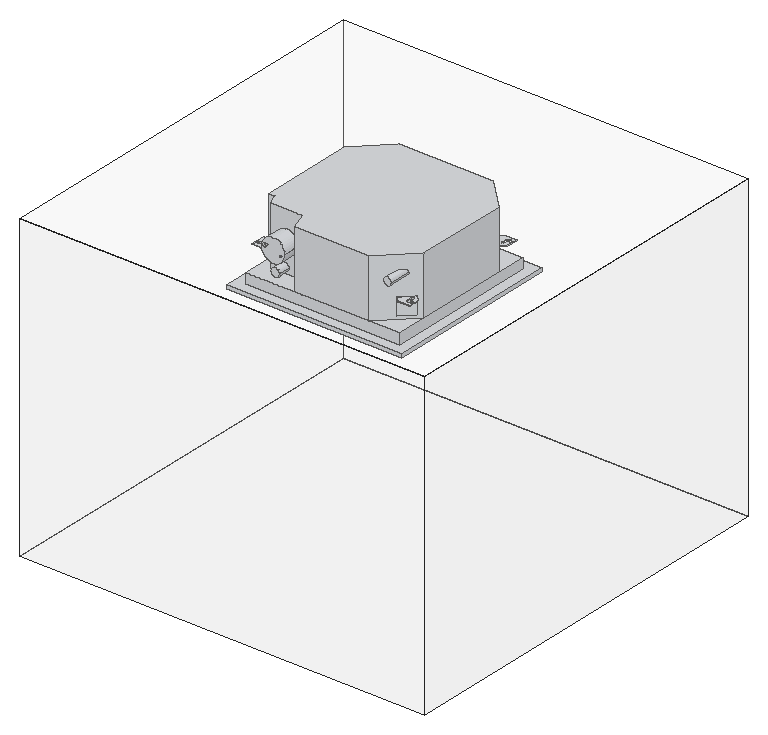
Revit family "plfy-p22_71gmg7_60Hz", category 機械設備, Revit 2019
Family settings
  丸型コネクタ寸法 = 直径を使用
  パーツ タイプ = 標準
  OmniClass 番号 = 23.75.10.24.21.27.27
  OmniClass タイトル = Split System Air Conditioning Units
  作業面ベース = いいえ
  常に垂直 = はい
  ロード時にボイドで切り取り = いいえ
  共有 = いいえ
  部屋計算ポイント = はい
Parameters (values of type "天井4方向_PLFY-P71GMG7")
  風量（静）（m3／min） = 11
  風量（強）（m3／min） = 15
  風量（弱）（m3／min） = 11.5
  風量（中）（m3／min） = 12.5
  風量 = MAX風量  # 900.0 m³/h
  音響パワーレベル（弱）(dB) = 38
  音響パワーレベル（中2）(dB) = 39
  音響パワーレベル（中1）(dB) = 40
  音響パワーレベル(dB) = 43
  電源種別 = ""
  電源_H = 0 mm
  電圧_電気ヒーター = 0 V
  電圧 = 200 V
  電動機出力_送風機 = 0.05 kW
  運転質量 = 0.00 kg
  連動 = ""
  質量 = if(製品質量 > 運転質量, 製品質量, 運転質量) * 1.2  # 24.72 kg
  負荷分類 = 3_ファン類
  構成品番 = "PLFY-P71GMG"
  ドレン管径 (外径) = 32 mm
  ドレン管径 = 25 mm
  サービススペース = yes
  URL = "https://www.mitsubishielectric.co.jp/ldg/wink/ssl/displayProduct.do?pid=305425"
  説明 = "ビル用マルチ 4方向天井カセット形<コンパクトタイプ>"
  設計暖房能力 = 0.00 kW
  設計冷房能力_顕熱 = 0 kW
  設計冷房能力 = 0 kW
  設置方法 = "カセット形"
  記号 = ""
  製造元 = "三菱電機株式会社"
  製品質量 = 20.60 kg
  製品出荷対象 = "国内"
  製品リリース年月 = "2021/5/10"
  製品グループ = ""
  系統 = ""
  符号 = "PAC-CK4"
  積算_科目 = "1 空気調和設備"
  積算_拾い区分 [instance] = ""
  相 = 1
  盤記号 = ""
  発停方法 = "付属スイッチ"
  特殊仕様 = ""
  火災停止 = ""
  消費電力_電気ヒーター = 0.00 kW
  消費電力_暖房 = 0.04 kW
  消費電力_加湿器 = 0.00 kW
  消費電力_冷房 = 0.04 kW
  消費電力 = if(消費電力_冷房 > 消費電力_暖房, 消費電力_冷房, 消費電力_暖房) + 消費電力_加湿器 + 消費電力_電気ヒーター  # 0.04 kW
  法定耐用年数 = "6"
  極数 = 1
  材質 = ""
  本体マテリアル = none
  有効加湿量 = 0
  暖房能力 = 8.00 kW
  推奨ブレーカー容量 = 0 A
  形式_加湿器 = ""
  形式 = "カセット形（4方向吹出形）"
  幹線記号 = ""
  始動方式 = "直入"
  呼称 = "パッケージ形空気調和機_室内機"
  周波数 = 60 Hz
  吊り位置Y = 507 mm
  吊り位置X = 640 mm
  吊りボルト_H = 134 mm
  台数_手元リモコン = ""
  台数_冷媒分岐ユニット = ""
  参照している仕様書等のバージョン = "公共建築工事標準仕様書（機械設備工事編）平成31年度版"
  加湿給水管径 = 0 mm
  分類コード = "50053003123030"
  分類グループ = ""
  冷房能力 = 7.1 kW
  冷媒高低圧ガス管径 = 0 mm
  冷媒管径符号 = "Bd"
  冷媒管径 = 100 mm
  冷媒液管高さ = 159 mm
  冷媒液管長さ = 75 mm
  冷媒液管径 = 9.5 mm
  冷媒ガス管高さ = 183 mm
  冷媒ガス管長さ = 80 mm
  冷媒ガス管径 = 15.9 mm
  企業コード = "108420"
  付属品_フィルター = ""
  付属品 = ""
  仕様書バージョン = "Version1.0"
  Model = ""
  パネルマテリアル = none
  ドレン管高さ = 227 mm
  コメント [instance] = ""
  ケーブル種類 = ""
  ケーブルサイズ = 0 mm
  Width = 670 mm
  Version = ""
  Uniclass2015Version = "Systems v1.9"
  Uniclass2015Title = "Split coil remote air cooled condensing units"
  Uniclass2015Code = "Pr_70_65_03_84"
  SpecificationReference = ""
  SpecificationDescription = ""
  Revision = ""
  ProductInformation = ""
  Panel Width = 760 mm
  Panel Height = 15 mm
  Panel Depth = 760 mm
  OmniClassCode = "23-33 17 13 11"
  MIN風量 = 風量（静）（m3／min） * 60.0 m³/h  # 660.0 m³/h
  MID風量2 = 風量（弱）（m3／min） * 60.0 m³/h  # 690.0 m³/h
  MID風量 = 風量（中）（m3／min） * 60.0 m³/h  # 750.0 m³/h
  MAX風量 = 風量（強）（m3／min） * 60.0 m³/h  # 900.0 m³/h
  IfcTypeProduct = ""
  IfcProduct = ""
  IfcExportType = "AIRCONDITIONINGUNIT"
  IfcExportAs = "IfcUnitaryEquipmentType"
  Height = 298 mm
  Depth = 670 mm
  価格 = 0
  Clearance Top = 305 mm
  Clearance Right = 500 mm
  Clearance Left = 500 mm
  Clearance Front = 500 mm
  Clearance Bottom = 1000 mm
  Clearance Back = 500 mm
  Author = "三菱電機株式会社"
Types (6, lengths in mm): name | 風量（静）（m3／min） | 風量（強）（m3／min） | 風量（弱）（m3／min） | 風量（中）（m3／min） | 風量 | 音響パワーレベル（弱）(dB) | 音響パワーレベル（中2）(dB) | 音響パワーレベル（中1）(dB) | 音響パワーレベル(dB) | 質量 | 構成品番 | URL | 製品質量 | 消費電力_暖房 | 消費電力_冷房 | 消費電力 | 暖房能力 | 冷房能力 | 冷媒管径符号 | 冷媒液管長さ | 冷媒液管径 | 冷媒ガス管長さ | 冷媒ガス管径 | MIN風量 | MID風量2 | MID風量 | MAX風量
  天井4方向_PLFY-P22GMG7 | 8.5 | 10 | 9 | 9.5 | 600.0 m³/h | 47 | 48 | 49 | 50 | 23.52 kg | "PLFY-P22GMG" | "https://www.mitsubishielectric.co.jp/ldg/wink/ssl/displayProduct.do?pid=305408" | 19.60 kg | 0.02 kW | 0.02 kW | 0.02 kW | 2.50 kW | 2.2 kW | "Ac" | 71 | 6.4 | 76 | 12.7 | 510.0 m³/h | 540.0 m³/h | 570.0 m³/h | 600.0 m³/h
  天井4方向_PLFY-P28GMG7 | 8.5 | 10 | 9 | 9.5 | 600.0 m³/h | 47 | 48 | 49 | 50 | 23.52 kg | "PLFY-P28GMG" | "https://www.mitsubishielectric.co.jp/ldg/wink/ssl/displayProduct.do?pid=305409" | 19.60 kg | 0.02 kW | 0.02 kW | 0.02 kW | 3.20 kW | 2.8 kW | "Ac" | 71 | 6.4 | 76 | 12.7 | 510.0 m³/h | 540.0 m³/h | 570.0 m³/h | 600.0 m³/h
  天井4方向_PLFY-P36GMG7 | 9.5 | 12 | 10 | 10.5 | 720.0 m³/h | 49 | 50 | 51 | 54 | 23.52 kg | "PLFY-P36GMG" | "https://www.mitsubishielectric.co.jp/ldg/wink/ssl/displayProduct.do?pid=305410" | 19.60 kg | 0.03 kW | 0.03 kW | 0.03 kW | 4.00 kW | 3.6 kW | "Ac" | 71 | 6.4 | 76 | 12.7 | 570.0 m³/h | 600.0 m³/h | 630.0 m³/h | 720.0 m³/h
  天井4方向_PLFY-P45GMG7 | 9.5 | 12.5 | 10 | 10.5 | 750.0 m³/h | 49 | 50 | 52 | 54 | 23.52 kg | "PLFY-P45GMG" | "https://www.mitsubishielectric.co.jp/ldg/wink/ssl/displayProduct.do?pid=305411" | 19.60 kg | 0.03 kW | 0.03 kW | 0.03 kW | 5.00 kW | 4.5 kW | "Ac" | 71 | 6.4 | 76 | 12.7 | 570.0 m³/h | 600.0 m³/h | 630.0 m³/h | 750.0 m³/h
  天井4方向_PLFY-P56GMG7 | 10 | 13 | 11.5 | 12.5 | 780.0 m³/h | 50 | 53 | 54 | 55 | 24.72 kg | "PLFY-P56GMG" | "https://www.mitsubishielectric.co.jp/ldg/wink/ssl/displayProduct.do?pid=305412" | 20.60 kg | 0.03 kW | 0.03 kW | 0.03 kW | 6.30 kW | 5.6 kW | "Ac" | 71 | 6.4 | 76 | 12.7 | 600.0 m³/h | 690.0 m³/h | 750.0 m³/h | 780.0 m³/h
  天井4方向_PLFY-P71GMG7 | 11 | 15 | 11.5 | 12.5 | 900.0 m³/h | 38 | 39 | 40 | 43 | 24.72 kg | "PLFY-P71GMG" | "https://www.mitsubishielectric.co.jp/ldg/wink/ssl/displayProduct.do?pid=305425" | 20.60 kg | 0.04 kW | 0.04 kW | 0.04 kW | 8.00 kW | 7.1 kW | "Bd" | 75 | 9.5 | 80 | 15.9 | 660.0 m³/h | 690.0 m³/h | 750.0 m³/h | 900.0 m³/h
Reference planes
  plane 1 "中心(正面/背面)": y = 0
  plane 2: z = 0
  plane 3 "中心(左/右)": x = 0
  plane 4: x = -380
  plane 5: x = 380
  plane 6: y = 380
  plane 7: y = -380
  plane 8: z = 298
  plane 9: z = 305
  plane 10: x = -320
  plane 11: x = 320
  plane 12: y = 253.5
  plane 13: y = -253.5
  plane 14: z = 46
  plane 15: y = 335
  plane 16: y = -335
  plane 17: x = -335
  plane 18: x = 335
  plane 19: x = -880
  plane 20: x = 880
  plane 21: y = 880
  plane 22: y = -880
  plane 23: z = 298
  plane 24: z = -15
  plane 25: z = -1015
  plane 26: z = 305
  plane 27 "冷媒管基準面": y = -255
  plane 28: x = -186
  plane 29: z = 159
  plane 30: y = -335
  plane 31: y = -330
Forms (mm)
  Extrusion 1, solid, detail levels fine
    sketch origin (0, -255, 15) x (1, 0, 0) y (0, 0, 1)
      loop
        circle (-186, 144) r 3.175
    from 0 to 75
  Extrusion 2, solid, detail levels fine
    sketch origin (-67, -255, 39) x (1, 0, 0) y (0, 0, 1)
      loop
        circle (-186, 144) r 6.35
    from 0 to 80
Dimensions and locks
  equal spacing: plane 4, plane 3 "中心(左/右)", plane 5
  plane 4 to plane 5 = 760 mm
  equal spacing: plane 7, plane 1 "中心(正面/背面)", plane 6
  plane 7 to plane 6 = 760 mm
  locked: plane 12 to plane 6 at 126.5
  plane 7 to plane 13 = 126.5 mm
  plane 4 to plane 10 = 60 mm
  locked: plane 11 to plane 5 at 60
  "吊り位置X": plane 10 to plane 11
  equal spacing: plane 10, plane 3 "中心(左/右)", plane 11
  equal spacing: plane 13, plane 1 "中心(正面/背面)", plane 12
  "吊り位置Y": plane 13 to plane 12
  equal spacing: plane 16, plane 1 "中心(正面/背面)", plane 15
  "Depth": plane 16 to plane 15
  equal spacing: plane 17, plane 3 "中心(左/右)", plane 18
  "Width": plane 17 to plane 18
  locked: plane 14 to level at 46
  "Clearance Left": plane 19 to plane 4
  "Clearance Right": plane 5 to plane 20
  "Clearance Back": plane 6 to plane 21
  locked: level to plane 24 at 15
  "Clearance Bottom": plane 24 to plane 25
  "Clearance Front": plane 22 to plane 7
  "Clearance Top": plane 26 to plane 2
  "Height": level to nested 3
  plane 29 to plane 2 = 159 mm
  nested 3 to level = 134 mm
  "冷媒液管長さ": plane 31 to plane 27 "冷媒管基準面"
  "冷媒ガス管長さ": plane 30 to plane 27 "冷媒管基準面"
  aligned and locked: level to plane 2
  aligned and locked: plane 10 to nested 2
  aligned and locked: plane 11 to nested 2
  aligned and locked: nested 2 to plane 12
  aligned and locked: plane 13 to nested 2
  aligned and locked: plane 19 to nested 1
  aligned and locked: plane 20 to nested 1
  aligned and locked: plane 22 to nested 1
  aligned and locked: plane 21 to nested 1
  aligned and locked: plane 25 to nested 1
  aligned and locked: plane 5 to nested 3
  aligned and locked: plane 15 to nested 3
  aligned and locked: plane 6 to nested 3
  aligned and locked: plane 7 to nested 3
  aligned and locked: plane 26 to nested 1
  aligned and locked: plane 31 to Extrusion 1
  aligned and locked: plane 30 to Extrusion 2
Automatic sketch dimensions
  Extrusion 1 sketch curve to plane 28 = 0 mm
  Extrusion 1 sketch curve to plane 29 = 0 mm
  plane 29 to Extrusion 2 sketch curve = 24 mm
  plane 10 to Extrusion 2 sketch curve = 67 mm
  radius of Extrusion 1 sketch curve = 3.175 mm
  radius of Extrusion 2 sketch curve = 6.35 mm
Nested families
  nested 1: "サービススペース" at (0, 0, -355), visible <- "サービススペース", type "サービススペース"
    with Width 1760 mm, Height 1320 mm, Depth 1760 mm
  nested 2: "固定点" at (-320, -253.5, 0), type "固定点"
    with W 640 mm, D 507 mm
  nested 3: "PL-RP○○GA3" at (0, 0, 0), type "PL-RP○○GA3"
    with ユニット表示 yes, 液配管サイズ 9.5 mm, 冷媒液管径-Y 75 mm, 冷媒ガス管径-Y 80 mm, ガス配管サイズ 15.9 mm
Connectors
  piping at (-219.5, -330, 171), diameter 100, driven by "冷媒管径", driven by "冷媒管径符号"
    settings: on nested 3, index 1, connector inside diameter 609.6 mm, connector length 0 mm, flow factor 0, pipe flow 0.0 L/s, pressure drop 0.0 Pa, fitting loss kfactor 0, connector angle 0.00°, fixture units 0, engagement length 0 mm, angle of deflection 0.00°, flow configuration 1, flow direction 1, fitting loss method 4, system type 7, joint type 0, gender type 0, connector reference index -1, connector utility 0, adjustable connector no, is connector primary yes, connector description "Bd"
  piping at (281, -332, 227), diameter 25, driven by "ドレン管径"
    settings: on nested 3, index 2, connector inside diameter 609.6 mm, connector length 0 mm, flow factor 0, pipe flow 0.0 L/s, pressure drop 0.0 Pa, fitting loss kfactor 0, connector angle 0.00°, fixture units 0, engagement length 0 mm, angle of deflection 0.00°, flow configuration 1, flow direction 2, fitting loss method 4, system type 16, joint type 0, gender type 0, connector reference index -1, connector utility 0, adjustable connector no, is connector primary no, connector description ""
  electrical at (-230, -305, 70), driven by "極数", driven by "負荷分類", driven by "電圧", driven by "消費電力"
    settings: on nested 3, index 3, voltage 200 V, apparent load 40 VA, apparent load phase1 0 VA, apparent load phase2 0 VA, apparent load phase3 0 VA, power factor 1, load classification "3_ファン類", number of poles 1, system type 30, power factor state 1, is connector primary yes, connector utility no, sub classification motor no, connector description ""
Definition of nested family "サービススペース"
  Parameters (values of type "サービススペース")
    Width [instance] = 500 mm
    Height [instance] = 500 mm
    Depth [instance] = 500 mm
  Reference planes
    plane 1 "中心(正面/背面)": y = 0
    plane 2: z = 0
    plane 3 "中心(左/右)": x = 0
    plane 4: y = -250
    plane 5: x = 250
    plane 6: y = 250
    plane 7: x = -250
    plane 8: z = 250
    plane 9: z = -250
  Forms (mm)
    Extrusion 1, solid
      sketch origin (-638.939, 0, 72.39) x (1, 0, 0) y (0, 1, 0)
        loop
          line (388.939, 250) -> (388.939, -250) -> (888.939, -250) -> (888.939, 250) -> (388.939, 250)
      from -322.39 to 177.61
  Lines and regions (mm)
    symbolic lines
      curve 1: line (-250, 0, 250) -> (250, 0, 250)
      curve 2: line (-250, 0, -250) -> (-250, 0, 250)
      curve 3: line (250, 0, -250) -> (-250, 0, -250)
      curve 4: line (250, 0, 250) -> (250, 0, -250)
      curve 5: line (0, -250, 250) -> (0, 250, 250)
      curve 6: line (0, -250, -250) -> (0, -250, 250)
      curve 7: line (0, 250, -250) -> (0, -250, -250)
      curve 8: line (0, 250, 250) -> (0, 250, -250)
      curve 9: line (-250, 250, 0) -> (250, 250, 0)
      curve 10: line (-250, -250, 0) -> (-250, 250, 0)
      curve 11: line (250, -250, 0) -> (-250, -250, 0)
      curve 12: line (250, 250, 0) -> (250, -250, 0)
  Dimensions and locks
    equal spacing: plane 7, plane 3 "中心(左/右)", plane 5
    equal spacing: plane 4, plane 1 "中心(正面/背面)", plane 6
    "Depth": plane 4 to plane 6
    "Width": plane 7 to plane 5
    equal spacing: plane 8, plane 2, plane 9
    "Height": plane 8 to plane 9
    aligned and locked: plane 9 to curve 3
    aligned and locked: plane 7 to curve 2
    aligned and locked: curve 4 to plane 5
    aligned and locked: plane 5 to Extrusion 1
    aligned and locked: Extrusion 1 to plane 7
    aligned and locked: Extrusion 1 to plane 9
    aligned and locked: plane 8 to Extrusion 1
    aligned and locked: plane 9 to curve 7
  Automatic sketch dimensions
    plane 4 to Extrusion 1 sketch curve = 0 mm
    Extrusion 1 sketch curve to plane 7 = 0 mm
    Extrusion 1 sketch curve to plane 5 = 0 mm
    plane 6 to Extrusion 1 sketch curve = 0 mm
    curve 2 to plane 8 = 0 mm
    plane 4 to curve 11 = 0 mm
    curve 11 to plane 7 = 0 mm
    curve 11 to plane 5 = 0 mm
    plane 6 to curve 10 = 0 mm
    curve 7 to plane 4 = 0 mm
    curve 7 to plane 6 = 0 mm
    curve 6 to plane 8 = 0 mm
Definition of nested family "PL-RP○○GA3"
  Parameters (values of type "PL-RP○○GA3")
    配線取出口サイズ = 36 mm
    配線取出口-Z = 70 mm
    配線取出口-Y = 50 mm
    配線取出口-X = 230 mm
    液配管サイズ = 6.4 mm
    A = 幅さ + 90 mm  # 760 mm
    高さ = 298 mm
    奥行き = 670 mm
    吊りボルト_H = 134 mm
    冷媒配管 = 100 mm
    冷媒液管径-Z = 159 mm
    冷媒液管径-Y = 71 mm
    冷媒液管径-X = 186 mm
    冷媒ガス管径-Z = 183 mm
    冷媒ガス管径-Y = 76 mm
    冷媒ガス管径-X = 253 mm
    ユニット表示 [instance] = yes
    ボルトピッチ = 507 mm
    ドレン配管サイズ = 32 mm
    ドレン管径-Z = 227 mm
    ドレン管径-Y = 77 mm
    ドレン管径-X = 281 mm
    ガス配管サイズ = 12.7 mm
    D = 幅さ - 30 mm  # 640 mm
    幅さ = 670 mm
    B = 幅さ + 40 mm  # 710 mm
  Reference planes
    plane 1 "中心(正面/背面)": y = 0
    plane 2: z = 0
    plane 3 "中心(左/右)": x = 0
    plane 4: x = -355
    plane 5: x = 355
    plane 6: x = -335
    plane 7: x = 335
    plane 8: x = -320
    plane 9: x = 320
    plane 10: y = 253.5
    plane 11: y = -253.5
    plane 12: y = 335
    plane 13: y = -335
    plane 14: x = -380
    plane 15: x = 380
    plane 16: z = -15
    plane 17: z = 46
    plane 18: z = 298
    plane 19: z = 134
    plane 20: z = 136
    plane 21: z = 227
    plane 22: z = 159
    plane 23: z = 183
    plane 24: z = 60
    plane 25: y = 380
    plane 26: y = -380
    plane 27: x = -253
    plane 28: x = -150
    plane 29: x = -123
    plane 30: x = -186
    plane 31: x = 281
    plane 32: x = 202
    plane 33: y = -255
    plane 34: y = -207
    plane 35: y = -331
    plane 36: y = -326
    plane 37 "ドレン管接続口": y = -332
    plane 38: y = -202
    plane 39: y = 291.5
    plane 40: y = 275.5
    plane 41: y = 263.5
    plane 42: x = -326
    plane 43: x = -314
    plane 44: x = -343
    plane 45: x = 314
    plane 46: x = 326
    plane 47: x = 343
    plane 48: y = -291.5
    plane 49: y = -275.5
    plane 50: y = -263.5
    plane 51: x = -230
    plane 52: y = 202
    plane 53: x = -202
    plane 54: z = 70
    plane 55: y = -305
  Forms (mm)
    Extrusion 1, solid, visible <- "ユニット表示"
      sketch origin (0, 0, 0) x (1, 0, 0) y (0, 1, 0)
        loop
          line (-380, 380) -> (-380, -380) -> (380, -380) -> (380, 380) -> (-380, 380)
      from -15 to 0
    Extrusion 2, solid, visible <- "ユニット表示", detail levels fine
      sketch origin (0, 0, 0) x (1, 0, 0) y (0, 1, 0)
        loop
          line (-203.39, 335) -> (-335, 203.39) -> (-335, -207) -> (-309.258, -207) -> (-288.883, -255) -> (-150, -255) -> (-123.033, -335) -> (202, -335) -> (335, -202) -> (335, 203.39) -> (203.39, 335) -> (-203.39, 335)
      from 46 to 298
    Extrusion 3, solid, visible <- "ユニット表示", detail levels fine
      sketch origin (0, 0, 0) x (1, 0, 0) y (0, 1, 0)
        loop
          line (335, 335) -> (-335, 335) -> (-335, -335) -> (335, -335) -> (335, 335)
      from 0 to 46
    Extrusion 4, solid, visible <- "ユニット表示", detail levels fine
      sketch origin (0, 0, 0) x (1, 0, 0) y (0, 0, 1)
        loop
          circle (-219.5, 171) r 50
      from 255 to 326
    Extrusion 5, solid, visible <- "ユニット表示", detail levels fine
      sketch origin (0, 0, 0) x (1, 0, 0) y (0, 1, 0)
        loop
          line (-343, -291.5) -> (-300.314, -291.5) -> (-290.686, -250.751) -> (-306.998, -212.324) -> (-343, -227.606) -> (-343, -263.5) -> (-329, -263.5)
          arc (-329, -263.5) -> (-326.879, -262.621) -> (-326, -260.5) r 3
          line (-326, -260.5) -> (-326, -249.5)
          arc (-326, -249.5) -> (-320, -243.5) -> (-314, -249.5) r 6
          line (-314, -249.5) -> (-314, -269.478)
          arc (-314, -269.478) -> (-315.757, -273.721) -> (-320, -275.5) r 6
          line (-320, -275.5) -> (-343, -275.5) -> (-343, -291.5)
        loop
          line (-343, 275.5) -> (-320, 275.5)
          arc (-320, 275.5) -> (-315.757, 273.743) -> (-314, 269.5) r 6
          line (-314, 269.5) -> (-314, 249.5)
          arc (-314, 249.5) -> (-320, 243.5) -> (-326, 249.5) r 6
          line (-326, 249.5) -> (-326, 260.5)
          arc (-326, 260.5) -> (-326.879, 262.621) -> (-329, 263.5) r 3
          line (-329, 263.5) -> (-343, 263.5) -> (-343, 244.959) -> (-318.215, 220.175) -> (-270.214, 268.176) -> (-293.539, 291.5) -> (-343, 291.5) -> (-343, 275.5)
        loop
          line (343, 291.5) -> (293.539, 291.5) -> (270.214, 268.176) -> (318.215, 220.175) -> (343, 244.959) -> (343, 263.5) -> (329, 263.5)
          arc (329, 263.5) -> (326.879, 262.621) -> (326, 260.5) r 3
          line (326, 260.5) -> (326, 249.5)
          arc (326, 249.5) -> (320, 243.5) -> (314, 249.5) r 6
          line (314, 249.5) -> (314, 269.5)
          arc (314, 269.5) -> (315.757, 273.743) -> (320, 275.5) r 6
          line (320, 275.5) -> (343, 275.5) -> (343, 291.5)
        loop
          line (293.539, -291.5) -> (343, -291.5) -> (343, -275.5) -> (320, -275.5)
          arc (320, -275.5) -> (315.757, -273.743) -> (314, -269.5) r 6
          line (314, -269.5) -> (314, -249.5)
          arc (314, -249.5) -> (320, -243.5) -> (326, -249.5) r 6
          line (326, -249.5) -> (326, -260.5)
          arc (326, -260.5) -> (326.879, -262.621) -> (329, -263.5) r 3
          line (329, -263.5) -> (343, -263.5) -> (343, -244.959) -> (317.52, -219.48) -> (269.519, -267.481) -> (293.539, -291.5)
      from 134 to 136
    Extrusion 6, solid, visible <- "ユニット表示", detail levels fine
      sketch origin (0, 0, 0) x (1, 0, 0) y (0, 1, 0)
        loop
          line (-306.998, -212.324) -> (-308.839, -213.105) -> (-291.463, -254.04) -> (-289.622, -253.258) -> (-306.998, -212.324)
        loop
          line (-271.629, 269.59) -> (-319.63, 221.589) -> (-318.245, 220.204) -> (-270.244, 268.205) -> (-271.629, 269.59)
        loop
          line (271.629, 269.59) -> (270.244, 268.205) -> (318.245, 220.204) -> (319.63, 221.589) -> (271.629, 269.59)
        loop
          line (270.934, -268.895) -> (318.935, -220.894) -> (317.52, -219.48) -> (269.519, -267.481) -> (270.934, -268.895)
      from 60 to 136
    Extrusion 7, solid, visible <- "ユニット表示", detail levels fine
      sketch origin (0, 0, 0) x (1, 0, 0) y (0, 0, 1)
        loop
          circle (-230, 70) r 18
      from 255 to 305
    Extrusion 8, solid, detail levels fine
      sketch origin (0, -332, 0) x (-1, 0, 0) y (0, 0, 1)
        loop
          circle (-281, 227) r 16
      from 0 to 100
  Cuts and joins
    joined: Extrusion 5, Extrusion 6
  Dimensions and locks
    equal spacing: plane 4, plane 3 "中心(左/右)", plane 5
    "B": plane 4 to plane 5
    equal spacing: plane 6, plane 3 "中心(左/右)", plane 7
    "幅さ": plane 6 to plane 7
    equal spacing: plane 8, plane 3 "中心(左/右)", plane 9
    "D": plane 8 to plane 9
    equal spacing: plane 11, plane 1 "中心(正面/背面)", plane 10
    "ボルトピッチ": plane 10 to plane 11
    equal spacing: plane 12, plane 1 "中心(正面/背面)", plane 13
    "奥行き": plane 12 to plane 13
    "A": plane 14 to plane 15
    equal spacing: plane 14, plane 3 "中心(左/右)", plane 15
    locked: plane 2 to plane 16 at 15
    locked: plane 17 to plane 2 at 46
    "吊りボルト_H": plane 19 to level
    locked: plane 20 to plane 19 at 2
    "ドレン管径-Z": plane 21 to level
    "冷媒液管径-Z": plane 22 to level
    "冷媒ガス管径-Z": plane 23 to level
    plane 24 to level = 60 mm
    equal spacing: plane 25, plane 1 "中心(正面/背面)", plane 26
    "A": plane 25 to plane 26
    locked: plane 6 to plane 28 at 185
    locked: plane 6 to plane 29 at 212
    locked: plane 32 to plane 7 at 133
    "冷媒ガス管径-X": plane 27 to plane 3 "中心(左/右)"
    "冷媒液管径-X": plane 30 to plane 3 "中心(左/右)"
    "ドレン管径-X": plane 3 "中心(左/右)" to plane 31
    locked: plane 33 to plane 13 at 80
    locked: plane 34 to plane 13 at 128
    "冷媒ガス管径-Y": plane 33 to plane 35
    "冷媒液管径-Y": plane 33 to plane 36
    "ドレン管径-Y": plane 33 to plane 37 "ドレン管接続口"
    locked: plane 38 to plane 13 at 133
    equal spacing: plane 30, Extrusion 4 sketch curve, plane 27
    equal spacing: plane 23, Extrusion 4 sketch curve, plane 22
    locked: plane 44 to plane 8 at 23
    plane 42 to plane 8 to plane 43 = 6 mm locked, 6 mm locked
    locked: plane 9 to plane 47 at 23
    plane 45 to plane 9 to plane 46 = 6 mm locked, 6 mm locked
    plane 11 to plane 50 to plane 49 to plane 48 = 10 mm locked, 12 mm locked, 16 mm locked
    plane 39 to plane 40 to plane 41 to plane 10 = 16 mm locked, 12 mm locked, 10 mm locked
    locked: Extrusion 5 sketch curve to plane 11 at 4  (x2)
    locked: plane 10 to Extrusion 5 sketch curve at 4  (x2)
    "配線取出口-X": plane 51 to plane 3 "中心(左/右)"
    "配線取出口-Z": plane 54 to level
    "配線取出口-Y": plane 33 to plane 55
    locked: cut or joined group of Extrusion 5, Extrusion 6 to Extrusion 6 sketch curve at 2
    locked: Extrusion 6 sketch curve to Extrusion 2 at 2  (x3)
    "高さ": plane 18 to level
    "冷媒配管": diameter of Extrusion 4 sketch curve
    radius of Extrusion 5 sketch curve = 6 mm  (x8)
    radius of Extrusion 5 sketch curve = 3 mm  (x4)
    "配線取出口サイズ": diameter of Extrusion 7 sketch curve
    aligned and locked: level to plane 2
    aligned and locked: Extrusion 1 sketch curve to plane 25
    aligned and locked: plane 14 to Extrusion 1 sketch curve
    aligned and locked: plane 26 to Extrusion 1 sketch curve
    aligned and locked: Extrusion 1 sketch curve to plane 15
    aligned and locked: level to Extrusion 1
    aligned and locked: Extrusion 1 to plane 16
    aligned and locked: plane 18 to Extrusion 2
    aligned and locked: Extrusion 2 to plane 17
    aligned and locked: Extrusion 3 sketch curve to plane 7
    aligned and locked: Extrusion 3 sketch curve to plane 13
    aligned and locked: Extrusion 3 sketch curve to plane 6
    aligned and locked: Extrusion 3 sketch curve to plane 12
    aligned and locked: Extrusion 3 to level
    aligned and locked: plane 17 to Extrusion 3
    aligned and locked: plane 28 to Extrusion 2 sketch curve
    aligned and locked: plane 34 to Extrusion 2 sketch curve
    aligned and locked: Extrusion 2 sketch curve to plane 13
    aligned and locked: Extrusion 2 sketch curve to plane 7
    aligned and locked: Extrusion 2 sketch curve to plane 12
    aligned and locked: Extrusion 2 sketch curve to plane 6
    aligned and locked: plane 7 to Extrusion 2 sketch curve
    aligned and locked: plane 38 to Extrusion 2 sketch curve
    aligned and locked: plane 32 to Extrusion 2 sketch curve
    aligned and locked: plane 13 to Extrusion 2 sketch curve
    aligned and locked: plane 44 to Extrusion 5 sketch curve  (x2)
    aligned and locked: Extrusion 5 sketch curve to plane 50
    aligned and locked: plane 49 to Extrusion 5 sketch curve
    aligned and locked: Extrusion 5 sketch curve to plane 48
    aligned and locked: plane 43 to Extrusion 5 sketch curve
    aligned and locked: plane 42 to Extrusion 5 sketch curve  (x2)
    aligned and locked: Extrusion 6 to plane 24
    aligned and locked: plane 20 to Extrusion 6
    aligned and locked: plane 39 to Extrusion 5 sketch curve  (x2)
    aligned and locked: Extrusion 5 sketch curve to plane 44  (x2)
    aligned and locked: plane 41 to Extrusion 5 sketch curve  (x2)
    aligned and locked: Extrusion 5 sketch curve to plane 40  (x2)
    aligned and locked: Extrusion 5 sketch curve to plane 43
    aligned and locked: Extrusion 5 sketch curve to Extrusion 2  (x3)
    aligned and locked: plane 47 to Extrusion 5 sketch curve  (x4)
    aligned and locked: plane 45 to Extrusion 5 sketch curve  (x2)
    aligned and locked: Extrusion 5 sketch curve to plane 46  (x2)
    aligned and locked: plane 50 to Extrusion 5 sketch curve
    aligned and locked: plane 48 to Extrusion 5 sketch curve
    aligned and locked: Extrusion 5 sketch curve to plane 49
    aligned and locked: plane 51 to Extrusion 7 sketch curve
    aligned and locked: plane 54 to Extrusion 7 sketch curve
    aligned and locked: Extrusion 7 to Extrusion 2
    aligned and locked: plane 55 to Extrusion 7
    aligned and locked: cut or joined group of Extrusion 5, Extrusion 6 to cut or joined group of Extrusion 5, Extrusion 6  (x2)
    aligned and locked: Extrusion 6 sketch curve to cut or joined group of Extrusion 5, Extrusion 6  (x3)
    aligned and locked: cut or joined group of Extrusion 5, Extrusion 6 to Extrusion 6 sketch curve  (x2)
    aligned and locked: Extrusion 2 to Extrusion 6 sketch curve
    aligned and locked: cut or joined group of Extrusion 5, Extrusion 6 to plane 19
    aligned and locked: plane 20 to cut or joined group of Extrusion 5, Extrusion 6
    aligned and locked: Extrusion 4 to plane 36
  Automatic sketch dimensions
    Extrusion 2 sketch curve to plane 33 = 0 mm
    plane 43 to Extrusion 2 sketch curve = 4.742 mm
    plane 43 to Extrusion 2 sketch curve = 25.117 mm
    Extrusion 2 sketch curve to plane 30 = 17.39 mm
    Extrusion 2 sketch curve to plane 29 = 0.033 mm
    plane 32 to Extrusion 2 sketch curve = 1.39 mm
    Extrusion 2 sketch curve to plane 10 = 50.11 mm  (x2)
    Extrusion 5 sketch curve to plane 8 = 0 mm
    Extrusion 5 sketch curve to plane 8 = 13.002 mm
    Extrusion 5 sketch curve to plane 43 = 13.686 mm
    plane 50 to Extrusion 5 sketch curve = 12.749 mm
    Extrusion 5 sketch curve to Extrusion 5 sketch curve = 9.627 mm
    Extrusion 5 sketch curve to plane 50 = 5.978 mm
    plane 34 to Extrusion 5 sketch curve = 20.606 mm
    plane 8 to Extrusion 6 sketch curve = 1.755 mm
    Extrusion 6 sketch curve to plane 11 = 0.54 mm
    Extrusion 6 sketch curve to Extrusion 6 sketch curve = 1.385 mm
    Extrusion 6 sketch curve to plane 49 = 6.605 mm
    Extrusion 6 sketch curve to plane 9 = 2.48 mm
    Extrusion 6 sketch curve to Extrusion 6 sketch curve = 1.414 mm
    Extrusion 5 sketch curve to plane 8 = 1.785 mm
    Extrusion 5 sketch curve to plane 41 = 4.676 mm  (x2)
    plane 9 to Extrusion 5 sketch curve = 1.785 mm
    Extrusion 5 sketch curve to plane 50 = 3.981 mm
    plane 9 to Extrusion 5 sketch curve = 2.48 mm
    Extrusion 8 sketch curve to plane 21 = 0 mm
    Extrusion 8 sketch curve to plane 31 = 0 mm
    radius of Extrusion 8 sketch curve = 16 mm
Definition of nested family "固定点"
  Parameters (values of type "固定点")
    中心円 = 20 mm
    W [instance] = 1000 mm
    D [instance] = 1000 mm
  Reference planes
    plane 1 "中心(正面/背面)": y = 0
    plane 2: z = 0
    plane 3 "中心(左/右)": x = 0
    plane 4: x = 1000
    plane 5: y = 1000
  Lines and regions (mm)
    symbolic lines, detail levels fine
      curve 1: circle (0, 1000, 0) r 10 normal (0, 0, 1)
      curve 2: circle (0, 0, 0) r 10 normal (0, 0, 1)
      curve 3: circle (1000, 1000, 0) r 10 normal (0, 0, 1)
      curve 4: circle (1000, 0, 0) r 10 normal (0, 0, 1)
      curve 5: line (-200, 1000, 0) -> (1200, 1000, 0)
      curve 6: line (-200, 0, 0) -> (1200, 0, 0)
      curve 7: line (0, 1200, 0) -> (0, -200, 0)
      curve 8: line (1000, 1200, 0) -> (1000, -200, 0)
  Dimensions and locks
    "W": plane 3 "中心(左/右)" to plane 4
    "D": plane 1 "中心(正面/背面)" to plane 5
    "中心円": diameter of curve 1
    "中心円": diameter of curve 2
    "中心円": diameter of curve 3
    "中心円": diameter of curve 4
    aligned and locked: level to plane 2
    aligned and locked: plane 5 to curve 1
    aligned and locked: plane 3 "中心(左/右)" to curve 1
    aligned and locked: plane 3 "中心(左/右)" to curve 2
    aligned and locked: plane 1 "中心(正面/背面)" to curve 2
    aligned and locked: plane 4 to curve 3
    aligned and locked: plane 5 to curve 3
    aligned and locked: plane 1 "中心(正面/背面)" to curve 4
    aligned and locked: plane 4 to curve 4
    aligned and locked: plane 1 "中心(正面/背面)" to curve 6
    aligned and locked: curve 7 to plane 3 "中心(左/右)"
    aligned and locked: curve 8 to plane 4
  Automatic sketch dimensions
    curve 5 to plane 5 = 0 mm
    curve 6 to plane 3 "中心(左/右)" = 200 mm
    curve 5 to plane 3 "中心(左/右)" = 200 mm
    curve 4 to curve 6 = 200 mm
    curve 3 to curve 5 = 200 mm
    plane 1 "中心(正面/背面)" to curve 8 = 200 mm
    plane 1 "中心(正面/背面)" to curve 7 = 200 mm
    curve 3 to curve 8 = 200 mm
    curve 1 to curve 7 = 200 mm
